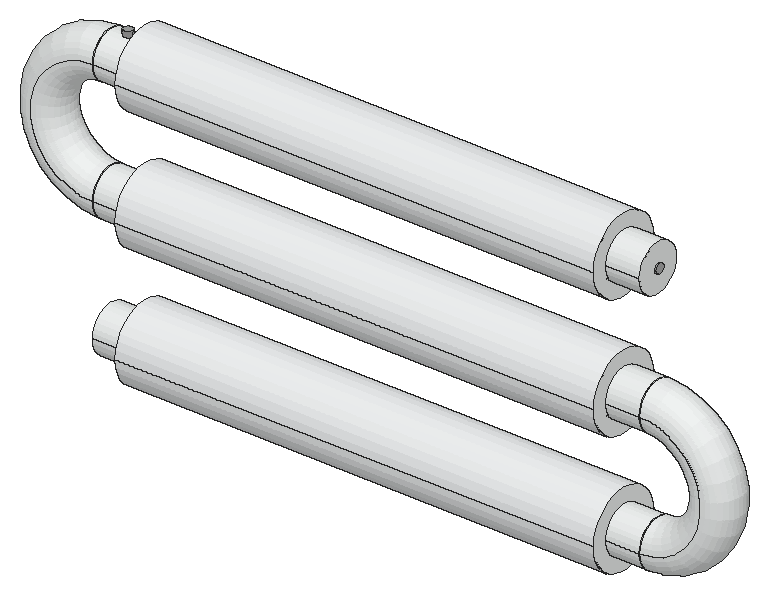
Revit family
Parameters (values of type "K101-164-12")
  URL = "http://viewer.zmags.com/publication/f01ae52f"
  Tube Radius = 50.8 mm
  Tube = RAL 9016
  Thermal Performance = Thermal Performance Constant * Length / 1000 mm  # 216
  Socket Up = Socket Thick + Tube Radius  # 60.8 mm
  Socket Thick = 10 mm
  Socket Radius = 10 mm
  Socket = RAL 9016
  R = Centre Line Distance / 2  # 135 mm
  Offset = 37.5 mm
  Model = "K101-164-12"
  Manufacturer = "Meinertz"  # constant formula
  Length = 1200 mm
  L = Length / 2  # 600 mm
  Keynote = "K101-164-12"
  Height = 150 mm
  GoGetNo = 6974  # constant formula
  Fins = yes
  Fin Radius = 82 mm
  Fin Pitch = RAL 9016 F
  Fin Diameter = Fin Radius * 2  # 164 mm
  Centre Line Distance = 270 mm
  Thermal Performance Constant = if(Fin Diameter = 73 mm, 88, if(Fin Diameter = 83 mm, 104, if(Fin Diameter = 92 mm, 88, if(Fin Diameter = 98 mm, 82, if(Fin Diameter = 123 mm, 110, if(Fin Diameter = 139 mm, 133, 180))))))  # 180
Types (9, lengths in mm): name | Tube Radius | Thermal Performance | Socket Up | R | Model | Keynote | Fin Radius | Fin Diameter | Centre Line Distance | Thermal Performance Constant
  (no name) | 50.8 | 216 | 60.8 | 135 | "K101-164-12" | "K101-164-12" | 82 | 164 | 270 | 180
  K33-73-08 | 16.9 | 124.8 | 26.9 | 45 | "K33-73-08" | "K33-73-08" | 41.5 | 83 | 90 | 104
  K33-83-10 | 16.9 | 124.8 | 26.9 | 50 | "K33-83-10" | "K33-83-10" | 41.5 | 83 | 100 | 104
  K42-92-10 | 21.2 | 105.6 | 31.2 | 50 | "K42-92-10" | "K42-92-10" | 46 | 92 | 100 | 88
  K48-98-10 | 24.2 | 98.4 | 34.2 | 60 | "K48-98-10" | "K48-98-10" | 49 | 98 | 120 | 82
  K60-110-10 | 30.2 | 216 | 40.2 | 75 | "K60-110-10" | "K60-110-10" | 55 | 110 | 150 | 180
  K60-123-12 | 30.2 | 132 | 40.2 | 75 | "K60-123-12" | "K60-123-12" | 61.5 | 123 | 150 | 110
  K76-139-12 | 38.5 | 159.6 | 48.5 | 95 | "K76-139-12" | "K76-139-12" | 69.5 | 139 | 190 | 133
  K101-164-12 | 50.8 | 216 | 60.8 | 135 | "K101-164-12" | "K101-164-12" | 82 | 164 | 270 | 180
Reference planes
  plane 1 "Center (Front/Back)": y = 0
  plane 2: z = 0
  plane 3 "Center (Left/Right)": x = 0
  plane 4: z = 232
  plane 5: z = 502
  plane 6: z = 150
  plane 7: z = 584
  plane 8: x = -600
  plane 9: x = 600
  plane 10: x = 610
  plane 11: z = 367
  plane 12: z = 772
  plane 13: z = 637
  plane 14: x = -610
  plane 15: x = -562.5
  plane 16: z = 832.8
Forms (mm)
  Sweep 1, solid, material "RAL 9016" <- "Tube"
    path origin (-200, 0, 120) x (1, 0, 0) y (0, 0, 1)
      loop
        arc (-400, 652) -> (-535, 517) -> (-400, 382) r 135
    profile origin (-735, 0, 637) x (0, -1, 0) y (1, 0, 0)
      loop
        circle (0, 0) r 50.8
  Sweep 2, solid, material "RAL 9016" <- "Tube"
    path origin (200, 0, 0) x (-1, 0, 0) y (0, 0, 1)
      loop
        arc (-400, 502) -> (-535, 367) -> (-400, 232) r 135
    profile origin (735, 0, 367) x (0, -1, 0) y (1, 0, 0)
      loop
        circle (0, 0) r 50.8
  Extrusion 3, solid, material "Tap"
    sketch origin (-600, 50.8, 232) x (0, 0, -1) y (0, -1, 0)
      loop
        circle (0, 50.8) r 10
    from 0 to 5
  Extrusion 4, solid, material "Tap"
    sketch origin (600, 50.8, 772) x (0, 0, 1) y (0, -1, 0)
      loop
        circle (0, 50.8) r 10
    from 0 to 5
  Extrusion 5, solid, material "Tap"
    sketch origin (-666.92, -1524, 772) x (-1, 0, 0) y (0, -1, 0)
      loop
        circle (-104.42, -1524) r 10
    from 0 to 60.8
Dimensions and locks
  "Centre Line Distance": plane 5 to plane 4
  "Height": plane 6 to level
  "Fin Radius": plane 7 to plane 5
  "Fin Radius": plane 4 to plane 6
  "L": plane 3 "Center (Left/Right)" to plane 8
  "Socket Thick": plane 10 to plane 9
  "L": plane 9 to plane 3 "Center (Left/Right)"
  equal spacing: plane 5, plane 11, plane 4
  equal spacing: plane 12, plane 13, plane 5
  "Centre Line Distance": plane 12 to plane 5
  "Socket Thick": plane 8 to plane 14
  "Offset": plane 15 to plane 8
  equal spacing: Extrusion 3 sketch curve, plane 1 "Center (Front/Back)", Extrusion 3 sketch curve
  equal spacing: Extrusion 3 sketch curve, plane 4, Extrusion 3 sketch curve
  "Socket Up": plane 16 to plane 12
  equal spacing: Extrusion 4 sketch curve, plane 1 "Center (Front/Back)", Extrusion 4 sketch curve
  equal spacing: Extrusion 4 sketch curve, plane 12, Extrusion 4 sketch curve
  "Tube Radius": radius of Sweep 1 sketch curve
  "R": radius of Sweep 1 sketch curve
  "Tube Radius": radius of Sweep 2 sketch curve
  "R": radius of Sweep 2 sketch curve
  aligned and locked: plane 1 "Center (Front/Back)" to nested 1
  aligned and locked: plane 4 to nested 1
  aligned and locked: plane 5 to nested 2
  aligned and locked: Sweep 1 to plane 8
  aligned and locked: plane 8 to Sweep 1 sketch curve  (x2)
  aligned and locked: nested 2 to plane 9
  aligned and locked: plane 9 to nested 1
  aligned and locked: plane 12 to nested 3
  aligned and locked: plane 9 to Sweep 2
  aligned and locked: Extrusion 5 to plane 16
  aligned and locked: Extrusion 5 to plane 12
Automatic sketch dimensions
  Sweep 1 sketch curve to plane 5 = 0 mm
  Sweep 1 sketch curve to plane 1 "Center (Front/Back)" = 0 mm
  Sweep 1 sketch curve to profile plane = 0 mm
  Sweep 2 sketch curve to plane 5 = 0 mm
  Sweep 2 sketch curve to plane 9 = 0 mm
  Sweep 2 sketch curve to plane 1 "Center (Front/Back)" = 0 mm
  Sweep 2 sketch curve to profile plane = 0 mm
  Extrusion 5 sketch curve to plane 1 "Center (Front/Back)" = 0 mm
  Extrusion 5 sketch curve to plane 15 = 0 mm
  radius of Extrusion 5 sketch curve = 10 mm
  radius of Extrusion 4 sketch curve = 10 mm
  radius of Extrusion 3 sketch curve = 10 mm
Nested families
  nested 1: "Ribberør LSV-Finned Tube" at (0, 0, 32), type "k33-73-08"
  nested 2: "Ribberør LSV-Finned Tube" at (0, 0, 302), type "k33-73-08"
  nested 3: "Ribberør LSV-Finned Tube" at (0, 0, 572), type "k33-73-08"
Connectors
  piping at (-605, 0, 232)
    settings: on Extrusion 3, index 1, connector radius 10 mm, flow factor 0, pipe flow 0.0 L/s, pressure drop 0.0 Pa, fitting loss kfactor 0, connector angle 0.00°, fixture units 0, flow configuration 1, flow direction 1, fitting loss method 0, system type 22, connector reference index -1, connector utility 0, adjustable connector no, is connector primary yes, fitting loss table "", connector description ""
  piping at (605, 0, 772)
    settings: on Extrusion 4, index 2, connector radius 10 mm, flow factor 0, pipe flow 0.0 L/s, pressure drop 0.0 Pa, fitting loss kfactor 0, connector angle 0.00°, fixture units 0, flow configuration 1, flow direction 2, fitting loss method 0, system type 22, connector reference index -1, connector utility 0, adjustable connector no, is connector primary no, fitting loss table "", connector description ""
  piping at (-562.5, 0, 832.8)
    settings: on Extrusion 5, index 3, connector radius 10 mm, flow factor 0, pipe flow 0.0 L/s, pressure drop 0.0 Pa, fitting loss kfactor 0, connector angle 0.00°, fixture units 0, flow configuration 1, flow direction 2, fitting loss method 0, system type 22, connector reference index -1, connector utility 0, adjustable connector no, is connector primary no, fitting loss table "", connector description ""
Definition of nested family "Ribberør LSV-Finned Tube"
  Parameters (values of type "K101-164-12")
    URL = "http://www.meinertz.com"
    Tube Radius = Tube Diameter / 2  # 50.8 mm
    Tube Diameter = 101.6 mm
    Tube = RAL 9016
    Offset = 75 mm
    Model = "K101-164-12"
    Max #1 Pole Breakers [instance] = 271
    Manufacturer = "Meinertz"
    Length = 1200 mm
    Keynote = "K101-164-12"
    Height = 150 mm
    GoGetNo = 6959  # constant formula
    Fins = yes
    Fin Radius = Fin Diameter / 2  # 82 mm
    Fin Pitch = RAL 9016 F
    Fin Offset = 0.6 mm
    Fin Diameter = 164 mm
    Assembly Code = ""
  Types (8, lengths in mm): name | Tube Radius | Tube Diameter | Model | Max #1 Pole Breakers | Keynote | Height | Fin Radius | Fin Offset | Fin Diameter
    K33-83-10 | 16.85 | 33.7 | "K33-83-10" | 271 | "K33-83-10" | 150 | 41.5 | 0.3 | 83
    K42-92-10 | 21.2 | 42.4 | "K42-92-10" | 271 | "K42-92-10" | 150 | 46 | 0.4 | 92
    K48-98-10 | 24.15 | 48.3 | "K48-98-10" | 271 | "K48-98-10" | 150 | 49 | 0.4 | 98
    K60-110-10 | 30.15 | 60.3 | "K60-110-10" | 271 | "K60-110-10" | 150 | 55 | 0.5 | 110
    K60-123-12 | 30.15 | 60.3 | "K60-123-12" | 271 | "K60-123-12" | 150 | 61.5 | 0.4 | 123
    K76-139-12 | 38.05 | 76.1 | "K76-139-12" | 271 | "K76-139-12" | 150 | 69.5 | 0.5 | 139
    K101-164-12 | 50.8 | 101.6 | "K101-164-12" | 271 | "K101-164-12" | 150 | 82 | 0.6 | 164
    k33-73-08 | 50.8 | 101.6 | "K101-164-12" | 291 | "K101-164-12" | 200 | 82 | 0.3 | 164
  Reference planes
    plane 1 "Center (Front/Back)": y = 0
    plane 2: z = 0
    plane 3 "Center (Left/Right)": x = 0
    plane 4: x = -600
    plane 5: x = 600
    plane 6: z = 150
    plane 7: x = -525
    plane 8: x = 525
  Forms (mm)
    Extrusion 1, solid, material "RAL 9016" <- "Tube"
      sketch origin (0, 0, 0) x (0, 1, 0) y (0, 0, 1)
        loop
          circle (0, 150) r 50.8
      from -600 to 600
    Extrusion 2, solid, material "RAL 9016 F" <- "Fin Pitch", visible <- "Fins"
      sketch origin (0, 0, 0) x (0, 1, 0) y (0, 0, 1)
        loop
          circle (0, 150) r 82
      from -525 to 525
  Dimensions and locks
    equal spacing: plane 4, plane 3 "Center (Left/Right)", plane 5
    "Length": plane 4 to plane 5
    "Offset": plane 4 to plane 7
    "Offset": plane 8 to plane 5
    "Height": plane 6 to plane 2
    "Tube Radius": radius of Extrusion 1 sketch curve
    "Fin Radius": radius of Extrusion 2 sketch curve
    aligned and locked: Extrusion 1 to plane 4
    aligned and locked: plane 5 to Extrusion 1
    aligned and locked: plane 8 to Extrusion 2
    aligned and locked: Extrusion 2 to plane 7
  Automatic sketch dimensions
    Extrusion 1 sketch curve to plane 1 "Center (Front/Back)" = 0 mm
    Extrusion 1 sketch curve to plane 6 = 0 mm
    Extrusion 2 sketch curve to plane 1 "Center (Front/Back)" = 0 mm
    Extrusion 2 sketch curve to plane 6 = 0 mm
